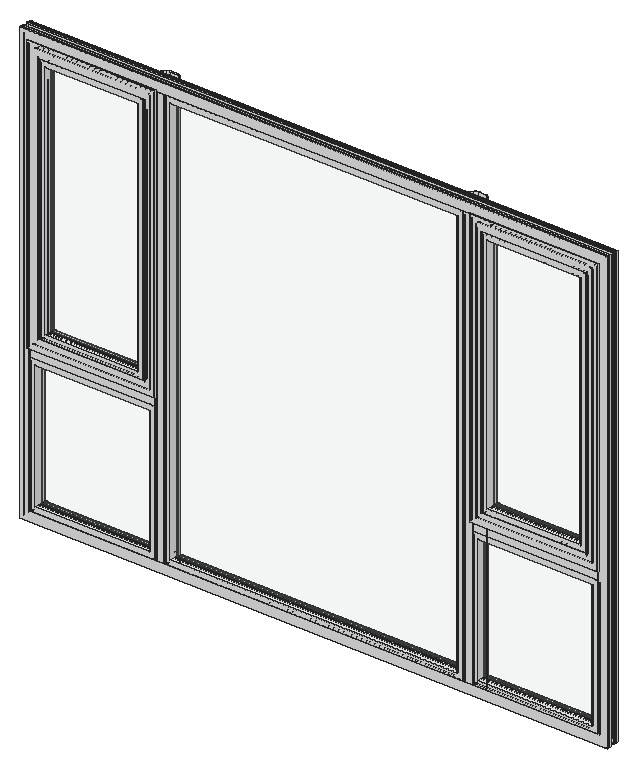
Revit family "Serene_T&T_Window_F_Standard", category Windows, host Wall, Revit 2014
Parameters (values of type "52TT-2418SS-2000Pa")
  Windload Design = if(Custom Windload < 1001 mm, 1000 mm, if(Custom Windload < 1501 mm, 1500 mm, 2000 mm))  # 2000 mm
  Width Sash [instance] = 522 mm
  Width = if(Custom Window Width > Limit Window Width Max, Limit Window Width Max, if(Custom Window Width < Limit Window Width Min, Limit Window Width Min, Custom Window Width))  # 2390 mm
  Wall Thickness [instance] = 200 mm
  URL = "http://www.crealco.co.za/crealco-products.php"
  Thermal Resistance (R) [instance] = if(IGDB or SAGDB Number = 1000015, 1.0000 (m²·K)/W / Clearvue U Value, if(IGDB or SAGDB Number = 9922, 1.0000 (m²·K)/W / Energy Advantage U Value, if(IGDB or SAGDB Number = 100100, 1.0000 (m²·K)/W / Intruderprufe U Value, if(IGDB or SAGDB Number = 103200, 1.0000 (m²·K)/W / Intruderprufe LowE U Value, if(IGDB or SAGDB Number = 105001, 1.0000 (m²·K)/W / Clearvue Insulated U Value, if(IGDB or SAGDB Number = 105002, 1.0000 (m²·K)/W / Clearvue Insulated LowE U Value, 1.0000 (m²·K)/W / 7.9)))))) * 1  # 0.126582 (m²·K)/W
  Standard Mullion = not(Heavy Duty Mullion)  # no
  Solar Heat Gain Coefficient [instance] = if(IGDB or SAGDB Number = 1000015, Clearvue SHGC Value, if(IGDB or SAGDB Number = 9922, Energy Advantage SHGC Value, if(IGDB or SAGDB Number = 100100, Intruderprufe SHGC Value, if(IGDB or SAGDB Number = 103200, Intruderprufe LowE SHGC Value, if(IGDB or SAGDB Number = 105001, Clearvue Insulated SHGC Value, if(IGDB or SAGDB Number = 105002, Clearvue Insulated LowE SHGC Value, 0))))))  # 0
  Sash Width = if(Custom Sash Width > Limit Sash Width Max, Limit Sash Width Max, if(Custom Sash Width < Limit Sash Width Min, Limit Sash Width Min, Custom Sash Width))  # 522 mm
  Sash Overlap = 28 mm  # constant formula
  Sash Height = if(Custom Sash Height > Limit Sash Height Max, Limit Sash Height Max, if(Custom Sash Height < Limit Sash Height Min, Limit Sash Height Min, Custom Sash Height))  # 1122 mm
  Sash Frame Gasket = 3.4 mm  # constant formula
  Sash Edge Gap = 34 mm  # constant formula
  Overall Width [instance] = 2390 mm
  Overall Height [instance] = 1790 mm
  Mullion Side Spacing = Sash Edge Gap + Sash Width - Sash Overlap  # 528 mm
  Max System DG Unit Thickness = 20 mm  # constant formula
  Max System DG One Piece Thickness = rounddown((Max System DG Unit Thickness - 12 mm) / 2 mm) * 1 mm  # 4 mm
  Max Pane Area = if(and(Area Glazing Sash > Area Glazing Fixed Panel Middle, Area Glazing Sash > Area Glazing Fixed Panel Bottom), Area Glazing Sash, if(and(Area Glazing Fixed Panel Middle > Area Glazing Sash, Area Glazing Fixed Panel Middle > Area Glazing Fixed Panel Bottom), Area Glazing Fixed Panel Middle, if(and(Area Glazing Fixed Panel Bottom > Area Glazing Sash, Area Glazing Fixed Panel Bottom > Area Glazing Fixed Panel Middle), Area Glazing Fixed Panel Bottom, if(Area Glazing Sash > Area Glazing Fixed Panel Middle, Area Glazing Sash, Area Glazing Fixed Panel Middle))))  # 2.04136 m²
  Limit Fixed Panel Width Max = 1800 mm  # constant formula
  Limit Fixed Panel Height Min = 200 mm  # constant formula
  Limit Fixed Panel Height Max = 1800 mm  # constant formula
  Length Transom = Sash Width - 6 mm - 6.4 mm  # 509.6 mm
  Length Decorative Mullion = Height  # 1790 mm
  Intruderprufe U Value = 5.96
  Intruderprufe SHGC Value = 0.58
  Intruderprufe LowE U Value = 4.43
  Intruderprufe LowE SHGC Value = 0.514
  IGDB or SAGDB Number [instance] = 0
  Height Sash [instance] = 1122 mm
  Height = if(Custom Window Height > Limit Window Height Max, Limit Window Height Max, if(Custom Window Height < Limit Window Height Min, Limit Window Height Min, Custom Window Height))  # 1790 mm
  Heavy Duty Mullion = if(Windload Design = 1000 mm, if(and(Width > 890 mm, Height > 1490 mm), 1 = 1, 1 = 0), if(Windload Design = 1500 mm, if(or(and(Width > 1190 mm, Height > 1190 mm), Height > 1490 mm), 1 = 1, 1 = 0), if(or(and(Width > 890 mm, Height > 1190 mm), Height > 1490 mm), 1 = 1, 1 = 0)))  # yes
  Heat Transfer Coefficient (U) [instance] = if(IGDB or SAGDB Number = 1000015, Clearvue U Value, if(IGDB or SAGDB Number = 9922, Energy Advantage U Value, if(IGDB or SAGDB Number = 100100, Intruderprufe U Value, if(IGDB or SAGDB Number = 103200, Intruderprufe LowE U Value, if(IGDB or SAGDB Number = 105001, Clearvue Insulated U Value, if(IGDB or SAGDB Number = 105002, Clearvue Insulated LowE U Value, 7.9)))))) * 1.0000 W/(m²·K)  # 7.9000 W/(m²·K)
  Glazing Material [instance] = if(IGDB or SAGDB Number = 1000015, "PFG CLEARVUE 4mm", if(IGDB or SAGDB Number = 9922, "PFG ENERGY ADVANTAGE 4mm LOW-E", if(IGDB or SAGDB Number = 100100, "PFG INTRUDERPRUFE 6.38mm", if(IGDB or SAGDB Number = 103200, "PFG INTRUDERPRUFE LOW-E 7.38mm", if(IGDB or SAGDB Number = 105001, "PFG 20mm CLEARVUE INSULATED GLASS", if(IGDB or SAGDB Number = 105002, "PFG 20mm CLEARVUE INSULATED GLASS LOW-E", "Unknown"))))))  # "Unknown"
  Glazing Code [instance] = if(IGDB or SAGDB Number = 1000015, "CF4", if(IGDB or SAGDB Number = 9922, "CF4E", if(IGDB or SAGDB Number = 100100, "LAM01", if(IGDB or SAGDB Number = 103200, "LAM01E", if(IGDB or SAGDB Number = 105001, "IGU20", if(IGDB or SAGDB Number = 105002, "IGU20E", "Unknown"))))))  # "Unknown"
  Frame Width = 62 mm  # constant formula
  Frame Thickness = 52 mm  # constant formula
  Frame Offset From Exterior [instance] = if(Centered In Wall, (Wall Thickness - Frame Thickness) / 2, Custom Window Exterior Offset)  # 74 mm
  Fixed Panel Middle Width = Width - (2 * Sash Width) - (2 * Sash Edge Gap) - (33.6 mm * 2)  # 1210.8 mm
  Fixed Panel Middle Height = Height - (2 mm * 40)  # 1710 mm
  Fixed Panel Bottom Width = Sash Width - 6 mm - 6.4 mm  # 509.6 mm
  Fixed Panel Bottom Height = Height - Sash Edge Gap - Sash Height - 40 mm - 33.6 mm  # 560.4 mm
  Energy Advantage U Value = 7.9
  Energy Advantage SHGC Value = 0
  DG Thickness Calc = if(not(Max Pane Area > 1.125 m²), 4 mm, if(not(Max Pane Area > 2.25 m²), 4 mm, if(not(Max Pane Area > 3.15 m²), 5 mm, if(not(Max Pane Area > 4.35 m²), 6 mm, if(not(Max Pane Area > 6.45 m²), 8 mm, 10 mm)))))  # 4 mm
  DG Thickness [instance] = if(IGDB or SAGDB Number = 105001, 4 mm, if(IGDB or SAGDB Number = 105002, 4 mm, if(DG Thickness Calc > Max System DG One Piece Thickness, Max System DG One Piece Thickness, DG Thickness Calc)))  # 4 mm
  DG Gasket Tickness = 12 mm  # constant formula
  Custom Window Width = 2390 mm
  Custom Window Height = 1790 mm
  Custom Window Exterior Offset = 0 mm
  Custom Windload = 2000 mm
  Custom Sash Width = 522 mm
  Single Glazing [instance] = not(Double Glazing)  # yes
  SG Thickness [instance] = if(IGDB or SAGDB Number = 1000015, 4 mm, if(IGDB or SAGDB Number = 9922, 4 mm, if(IGDB or SAGDB Number = 100100, 6 mm, if(IGDB or SAGDB Number = 103200, 7 mm, if(not(Max Pane Area > 0.75 m²), 4 mm, if(not(Max Pane Area > 1.50 m²), 4 mm, if(not(Max Pane Area > 2.10 m²), 5 mm, if(not(Max Pane Area > 2.90 m²), 6.4 mm, if(not(Max Pane Area > 4.30 m²), 8 mm, 10 mm)))))))))  # 5 mm
  Model = "Serene"  # constant formula
  Manufacturer = "Crealco"  # constant formula
  Limit Window Width Min = Limit Fixed Panel Width Min + (2 * Sash Width) + (2 * Sash Edge Gap) + (2 mm * 33.6)  # 1379.2 mm
  Limit Window Width Max = Limit Fixed Panel Width Max + (2 * Sash Width) + (2 * Sash Edge Gap) + (2 mm * 33.6)  # 2979.2 mm
  Limit Window Height Min = Sash Edge Gap + Sash Height + 33.6 mm + Limit Fixed Panel Height Min + 40 mm  # 1429.6 mm
  Limit Window Height Max = Limit Fixed Panel Height Max + (2 mm * 40)  # 1880 mm
  Limit Sash Width Min = 300 mm  # constant formula
  Limit Sash Width Max = 700 mm  # constant formula
  Limit Sash Height Min = 300 mm  # constant formula
  Limit Sash Height Max = 1500 mm  # constant formula
  Limit Fixed Panel Width Min = 200 mm  # constant formula
  Length Mullion = Height - (2 mm * 40)  # 1710 mm
  Glazing Finish [instance] = Glass
  Double Glazing [instance] = no
  Description = "Tilt and turn window, Type F"  # constant formula
  Default Sill Height = 800 mm
  Wall Closure = By host
  DG Gasket Finish = Double Glazing Gasket Material
  Custom Sash Height = 1122 mm
  Clearvue U Value = 7.9
  Clearvue SHGC Value = 0
  Clearvue Insulated U Value = 3.84
  Clearvue Insulated SHGC Value = 0.552
  Clearvue Insulated LowE U Value = 3.29
  Clearvue Insulated LowE SHGC Value = 0.503
  Centered In Wall = yes
  Area Glazing Sash = (Sash Width - (2 mm * 50.2)) * (Sash Height - (2 mm * 50.2))  # 0.430707 m²
  Area Glazing Fixed Panel Middle = (Fixed Panel Middle Width - 10 mm) * (Fixed Panel Middle Height - 10 mm)  # 2.04136 m²
  Area Glazing Fixed Panel Bottom = (Fixed Panel Bottom Width - 10 mm) * (Fixed Panel Bottom Height - 10 mm)  # 0.27498 m²
  Aluminium Finish [instance] = White Powder Coated Aluminium
  All Available Glazing Numbers [instance] = "The rows below list the available glazing materials for this window:"  # constant formula
  9922 [instance] = "CF4E"  # constant formula
  105002 [instance] = "IGU20E"  # constant formula
  105001 [instance] = "IGU20"  # constant formula
  103200 [instance] = "LAM01E"  # constant formula
  100100 [instance] = "LAM01"  # constant formula
  1000015 [instance] = "CF4"  # constant formula
Reference planes
  plane 1 "Center (Front/Back)": y = 0
  plane 2 "Center (Left/Right)": x = 0
  plane 3 "Left": x = -1195
  plane 4 "Right": x = 1195
  plane 5 "Sill": z = 800
  plane 6 "Head": z = 2590
  plane 7 "Exterior": y = 100
  plane 8 "Interior": y = -100
  plane 9: y = 0
Lines and regions (mm)
  Opening 1
    outline origin (3500, -100, 0) x (1, 0, 0) y (0, 0, 1)
      loop
        line (-2305, 800) -> (-2305, 2590) -> (-4695, 2590) -> (-4695, 800) -> (-2305, 800)
Text (mm)
  text "EXTERIOR" at (-1963.203, 1332.353, 0), in view "Ref. Level"
  text "INTERIOR" at (-1981.466, -818.386, 0), in view "Ref. Level"
  text "Exterior" at (0, 923.751, 2943.296), in view "Right"
  text "Exterior" at (0, 1040.484, 2685.409), in view "Left"
Dimensions and locks
  equal spacing: plane 3 "Left", plane 2 "Center (Left/Right)", plane 4 "Right"
  "Width": plane 3 "Left" to plane 4 "Right"
  "Height": plane 5 "Sill" to plane 6 "Head"
  "Default Sill Height": plane 5 "Sill" to level
  locked: plane 7 "Exterior" to host wall at 0
  locked: plane 8 "Interior" to host wall
  "Overall Height": plane 5 "Sill" to plane 6 "Head"
  "Overall Width": plane 3 "Left" to plane 4 "Right"
  "Frame Offset From Exterior": nested 1 to plane 7 "Exterior"
  "Wall Thickness": host wall to host wall
  "Sash Edge Gap": plane 6 "Head" to nested 3
  "Sash Frame Gasket": nested 3 to nested 1
  "Sash Edge Gap": nested 3 to plane 4 "Right"
  "Width Sash": nested 3 to nested 3
  "Height Sash": nested 3 to nested 3
  "Sash Edge Gap": plane 3 "Left" to nested 6
  "Sash Frame Gasket": nested 6 to nested 1
  "Sash Edge Gap": plane 6 "Head" to nested 6
  aligned and locked: plane 9 to host wall
  aligned and locked: nested 1 to plane 4 "Right"
  aligned and locked: nested 1 to plane 6 "Head"
  aligned and locked: nested 2 to nested 1
  aligned and locked: nested 1 to nested 4
  aligned and locked: nested 4 to nested 1
  aligned and locked: nested 4 to nested 2
  aligned and locked: nested 1 to nested 5
  aligned and locked: nested 2 to nested 5
  aligned and locked: nested 2 to nested 3
  aligned and locked: nested 1 to nested 10
  aligned and locked: nested 1 to nested 11  (x2)
  aligned and locked: nested 10 to nested 1
  aligned and locked: nested 3 to nested 10
  aligned and locked: nested 3 to nested 11
  aligned and locked: nested 14 to nested 1  (x2)
  aligned and locked: nested 1 to nested 14
  aligned and locked: nested 12 to nested 1  (x2)
  aligned and locked: nested 1 to nested 12
  aligned and locked: nested 1 to nested 16
  aligned and locked: nested 16 to nested 5
  aligned and locked: nested 1 to nested 17
  aligned and locked: nested 17 to nested 2
  aligned and locked: nested 17 to plane 6 "Head"
  aligned and locked: nested 16 to plane 6 "Head"
  aligned and locked: nested 16 to nested 6
Automatic sketch dimensions
  Opening 1 sketch curve to plane 3 "Left" = 0 mm
  Opening 1 sketch curve to plane 4 "Right" = 0 mm
  Opening 1 sketch curve to plane 5 "Sill" = 0 mm
  Opening 1 sketch curve to plane 6 "Head" = 0 mm
Nested families
  nested 1: "Serene_Frame_Rounded_Ext_52mm_F_Std" at (-1195, -26, 800), Frame Width <- "Width", Frame Height <- "Height", Profile Material <- "Aluminium Finish", type "Serene_Frame_Rounded_Ext_52mm_F_Std"
    with Profile Material White Powder Coated Aluminium, Frame Width 2390 mm, Frame Height 1790 mm
  nested 2: "Serene_Mullion_44mm_Flat_F_Std" at (672.15, -33.553, 840) x (0, 1, 0) z (0, 0, 1), Length Mullion <- "Length Mullion", Profile Material <- "Aluminium Finish", visible <- "Standard Mullion", type "Serene_Mullion_44mm_Flat_F_Std"
    with Profile Material White Powder Coated Aluminium, Length Mullion 1710 mm
  nested 3: "Serene_Sash_Open_In_72mm_F_Std" at (1161, -32.8, 1434) x (-1, 0, 0) z (0, 0, 1), Profile Material <- "Aluminium Finish", Glazing Material <- "Glazing Finish", Double Glazing Gasket Material <- "DG Gasket Finish", Width Sash <- "Sash Width", Height Sash <- "Sash Height", SG Glazing Thickness <- "SG Thickness", DG Glazing Thickness <- "DG Thickness", DG Gasket Thickness <- "DG Gasket Tickness", Double Glazing <- "Double Glazing", Single Glazing <- "Single Glazing", type "Serene_Sash_Open_In_72mm_F_Std"
    with Width Sash 522 mm, Width Bead 422 mm, Tilt yes, Single Glazing yes, SG Offset 31.75 mm, SG Glazing Thickness 5 mm, Right Hinged yes, Profile Material White Powder Coated Aluminium, Left Hinged no, Height Sash 1122 mm, Height Bead 1022 mm, Glazing Width 421.6 mm, Glazing Material Glass, Glazing Height 1021.6 mm, Double Glazing Gasket Material Double Glazing Gasket Material, Double Glazing no, DG Offset 18.75 mm, DG Glazing Thickness 4 mm, DG Gasket Thickness 12 mm
  nested 4: "Serene_Fixed_Panel_F_Std" at (-605.4, -26, 840), Profile Material <- "Aluminium Finish", Glazing Material <- "Glazing Finish", Double Glazing Gasket Material <- "DG Gasket Finish", SG Thickness <- "SG Thickness", Fixed Panel Width <- "Fixed Panel Middle Width", Fixed Panel Height <- "Fixed Panel Middle Height", DG Thickness <- "DG Thickness", Single Glazing <- "Single Glazing", Double Glazing <- "Double Glazing", type "Serene_Fixed_Panel_F_Std"
    with Single Glazing yes, SG Thickness 5 mm, SG Space Available 13 mm, SG Offset 4 mm, Profile Material White Powder Coated Aluminium, Glazing Width 1200.8 mm, Glazing Material Glass, Glazing Height 1700 mm, Fixed Panel Width 1210.8 mm, Fixed Panel Height 1710 mm, Double Glazing Gasket Material Double Glazing Gasket Material, Double Glazing no, DG Thickness 4 mm, DG Space Available 24 mm, DG Offset 2 mm, DG Gasket Thickness 12 mm
  nested 5: "Serene_Mullion_44mm_Flat_F_Std" at (-578.65, -33.553, 840) x (0, 1, 0) z (0, 0, 1), Length Mullion <- "Length Mullion", Profile Material <- "Aluminium Finish", visible <- "Standard Mullion", type "Serene_Mullion_44mm_Flat_F_Std"
    with Profile Material White Powder Coated Aluminium, Length Mullion 1710 mm
  nested 6: "Serene_Sash_Open_In_72mm_F_Std" at (-639, -32.8, 1434) x (-1, 0, 0) z (0, 0, 1), Profile Material <- "Aluminium Finish", Glazing Material <- "Glazing Finish", Double Glazing Gasket Material <- "DG Gasket Finish", Width Sash <- "Sash Width", Height Sash <- "Sash Height", SG Glazing Thickness <- "SG Thickness", DG Glazing Thickness <- "DG Thickness", DG Gasket Thickness <- "DG Gasket Tickness", Double Glazing <- "Double Glazing", Single Glazing <- "Single Glazing", type "Serene_Sash_Open_In_72mm_F_Std"
    with Width Sash 522 mm, Width Bead 422 mm, Tilt yes, Single Glazing yes, SG Offset 31.75 mm, SG Glazing Thickness 5 mm, Right Hinged no, Profile Material White Powder Coated Aluminium, Left Hinged yes, Height Sash 1122 mm, Height Bead 1022 mm, Glazing Width 421.6 mm, Glazing Material Glass, Glazing Height 1021.6 mm, Double Glazing Gasket Material Double Glazing Gasket Material, Double Glazing no, DG Offset 18.75 mm, DG Glazing Thickness 4 mm, DG Gasket Thickness 12 mm
  nested 7: "Serene_Single_Glazing_Tilt_&_Turn_F_Std" at (1110.8, 3.95, 1484.2), type "Serene_Single_Glazing_Tilt_&_Turn_F_Std"
    with Tilt yes, Right Hinged yes, Left Hinged no, Half Width 210.8 mm, Half Height 510.8 mm, Glazing Width 421.6 mm, Glazing Thickness SG 5 mm, Glazing Material Glass, Glazing Height 1021.6 mm
  nested 8: "Serene_Single_Glazing_Fixed_F_Std" at (600.4, 10.5, 845), type "Serene_Single_Glazing_Fixed_F_Std"
    with Glazing Width 1200.8 mm, Glazing Thickness SG 5 mm, Glazing Material Glass, Glazing Height 1700 mm
  nested 9: "Serene_Single_Glazing_Tilt_&_Turn_F_Std" at (-689.2, 3.95, 1484.2), type "Serene_Single_Glazing_Tilt_&_Turn_F_Std"
    with Tilt yes, Right Hinged no, Left Hinged yes, Half Width 210.8 mm, Half Height 510.8 mm, Glazing Width 421.6 mm, Glazing Thickness SG 5 mm, Glazing Material Glass, Glazing Height 1021.6 mm
  nested 10: "Serene_Transom_44mm_Flat_F_Std" at (-1155, -40.48, 1087.299), Profile Material <- "Aluminium Finish", Length Transom <- "Length Transom", type "Serene_Transom_44mm_Flat_F_Std"
    with Profile Material White Powder Coated Aluminium, Length Transom 509.6 mm
  nested 11: "Serene_Transom_44mm_Flat_F_Std" at (645.4, -40.48, 1087.299), Profile Material <- "Aluminium Finish", Length Transom <- "Length Transom", type "Serene_Transom_44mm_Flat_F_Std"
    with Profile Material White Powder Coated Aluminium, Length Transom 509.6 mm
  nested 12: "Serene_Fixed_Panel_F_Std" at (645.4, -26, 840), Profile Material <- "Aluminium Finish", Glazing Material <- "Glazing Finish", Double Glazing Gasket Material <- "DG Gasket Finish", SG Thickness <- "SG Thickness", Fixed Panel Width <- "Fixed Panel Bottom Width", Fixed Panel Height <- "Fixed Panel Bottom Height", DG Thickness <- "DG Thickness", Single Glazing <- "Single Glazing", Double Glazing <- "Double Glazing", type "Serene_Fixed_Panel_F_Std"
    with Single Glazing yes, SG Thickness 5 mm, SG Space Available 13 mm, SG Offset 4 mm, Profile Material White Powder Coated Aluminium, Glazing Width 499.6 mm, Glazing Material Glass, Glazing Height 550.4 mm, Fixed Panel Width 509.6 mm, Fixed Panel Height 560.4 mm, Double Glazing Gasket Material Double Glazing Gasket Material, Double Glazing no, DG Thickness 4 mm, DG Space Available 24 mm, DG Offset 2 mm, DG Gasket Thickness 12 mm
  nested 13: "Serene_Single_Glazing_Fixed_F_Std" at (1150, 10.5, 845), type "Serene_Single_Glazing_Fixed_F_Std"
    with Glazing Width 499.6 mm, Glazing Thickness SG 5 mm, Glazing Material Glass, Glazing Height 550.4 mm
  nested 14: "Serene_Fixed_Panel_F_Std" at (-1155, -26, 840), Profile Material <- "Aluminium Finish", Glazing Material <- "Glazing Finish", Double Glazing Gasket Material <- "DG Gasket Finish", SG Thickness <- "SG Thickness", Fixed Panel Width <- "Fixed Panel Bottom Width", Fixed Panel Height <- "Fixed Panel Bottom Height", DG Thickness <- "DG Thickness", Single Glazing <- "Single Glazing", Double Glazing <- "Double Glazing", type "Serene_Fixed_Panel_F_Std"
    with Single Glazing yes, SG Thickness 5 mm, SG Space Available 13 mm, SG Offset 4 mm, Profile Material White Powder Coated Aluminium, Glazing Width 499.6 mm, Glazing Material Glass, Glazing Height 550.4 mm, Fixed Panel Width 509.6 mm, Fixed Panel Height 560.4 mm, Double Glazing Gasket Material Double Glazing Gasket Material, Double Glazing no, DG Thickness 4 mm, DG Space Available 24 mm, DG Offset 2 mm, DG Gasket Thickness 12 mm
  nested 15: "Serene_Single_Glazing_Fixed_F_Std" at (-650.4, 10.5, 845), type "Serene_Single_Glazing_Fixed_F_Std"
    with Glazing Width 499.6 mm, Glazing Thickness SG 5 mm, Glazing Material Glass, Glazing Height 550.4 mm
  nested 16: "Serene_Mullion_73mm_Decorative_F_Std" at (-580.796, -30.05, 800) x (0, 1, 0) z (0, 0, 1), Profile Material <- "Aluminium Finish", Length Mullion <- "Length Decorative Mullion", visible <- "Heavy Duty Mullion", type "Serene_Mullion_73mm_Decorative_F_Std"
    with Profile Material White Powder Coated Aluminium, Length Mullion 1790 mm
  nested 17: "Serene_Mullion_73mm_Decorative_F_Std" at (670.004, -30.05, 800) x (0, 1, 0) z (0, 0, 1), Profile Material <- "Aluminium Finish", Length Mullion <- "Length Decorative Mullion", visible <- "Heavy Duty Mullion", type "Serene_Mullion_73mm_Decorative_F_Std"
    with Profile Material White Powder Coated Aluminium, Length Mullion 1790 mm
Definition of nested family "Serene_Frame_Rounded_Ext_52mm_F_Std"
  Parameters (values of type "Serene_Frame_Rounded_Ext_52mm")
    Profile Material [instance] = none
    Frame Width [instance] = 600 mm
    Frame Height [instance] = 900 mm
  Reference planes
    plane 1 "Center (Front/Back)": y = 0
    plane 2: z = 0
    plane 3 "Center (Left/Right)": x = 0
  Forms (mm)
    Sweep 1, solid, material <- "Profile Material"
      path origin (0, 0, 0) x (1, 0, 0) y (0, 0, 1)
        loop
          line (0, 0) -> (600, 0) -> (600, 900) -> (0, 900) -> (0, 0)
      profile origin (300, 0, 0) x (0, 0, 1) y (0, -1, 0)
        loop
          line (32.05, -9) -> (32.05, -8) -> (33.7, -8) -> (33.7, -1.3) -> (15.1, -1.3) -> (15.1, -8) -> (16.75, -8) -> (16.75, -9) -> (15.1, -9) -> (15.1, -42.5) -> (16.75, -42.5) -> (16.75, -43.5) -> (15.1, -43.5) -> (15.1, -50.7) -> (33.7, -50.7) -> (33.7, -43.5) -> (32.05, -43.5) -> (32.05, -42.5) -> (33.7, -42.5) -> (33.7, -9) -> (32.05, -9)
        loop
          arc (52.4, -49.7) -> (52.107, -48.993) -> (51.4, -48.7) r 1
          line (51.4, -48.7) -> (50.4, -48.7)
          arc (50.4, -48.7) -> (49.9, -49.2) -> (50.4, -49.7) r 0.5
          line (50.4, -49.7) -> (51.2, -49.7) -> (51.2, -50.7) -> (35, -50.7) -> (35, -49.7) -> (36, -49.7)
          arc (36, -49.7) -> (36.5, -49.2) -> (36, -48.7) r 0.5
          line (36, -48.7) -> (35, -48.7) -> (35, -35.9) -> (40, -35.9) -> (40, -32.956) -> (38.5, -31.79) -> (38.5, -34.6) -> (35, -34.6) -> (35, -21.1) -> (38.5, -21.1) -> (38.5, -26.41) -> (40, -25.244) -> (40, -18.807) -> (38, -17.818) -> (38, -19.5) -> (35, -19.5) -> (35, -1.5) -> (38, -1.5) -> (38, -4.182) -> (40, -3.193) -> (40, 0) -> (0, 0) -> (0, -2.7) -> (1.3, -2.7) -> (1.3, -1.5) -> (13.8, -1.5) -> (13.8, -13.05) -> (0, -13.05) -> (0, -16.05) -> (1.3, -16.05) -> (1.3, -14.35) -> (13.8, -14.35) -> (13.8, -37.65) -> (1.3, -37.65) -> (1.3, -35.95) -> (0, -35.95) -> (0, -38.95) -> (13.8, -38.95) -> (13.8, -50.5) -> (1.3, -50.5) -> (1.3, -49.3) -> (0, -49.3) -> (0, -52) -> (58, -52)
          arc (58, -52) -> (60.828, -50.828) -> (62, -48) r 4
          line (62, -48) -> (62, -40.5) -> (59.5, -40.5) -> (59.5, -41.7) -> (60.7, -41.7) -> (60.7, -43.7) -> (55.5, -43.7) -> (55.5, -41.7) -> (56.7, -41.7) -> (56.7, -40.5) -> (54.2, -40.5) -> (54.2, -44)
          arc (54.2, -44) -> (54.493, -44.707) -> (55.2, -45) r 1
          line (55.2, -45) -> (60.7, -45) -> (60.7, -48)
          arc (60.7, -48) -> (59.909, -49.909) -> (58, -50.7) r 2.7
          line (58, -50.7) -> (52.4, -50.7) -> (52.4, -49.7)
  Lines and regions (mm)
    model lines, style "GenericModel"
      curve 1: line (600, 52, 900) -> (541.992, 52, 841.992)
      curve 2: line (0, 52, 900) -> (58.006, 52, 841.994)
      curve 3: line (0, 52, 0) -> (58.008, 52, 58.008)
      curve 4: line (600, 52, 0) -> (541.992, 52, 58.008)
      curve 5: line (0, 0, 900) -> (40, 0, 860)
      curve 6: line (600, 0, 900) -> (560, 0, 860)
      curve 7: line (600, 0, 0) -> (560, 0, 40)
      curve 8: line (0, 0, 0) -> (40, 0, 40)
  Dimensions and locks
    "Frame Width": Sweep 1 sketch curve to Sweep 1 sketch curve
    "Frame Height": Sweep 1 sketch curve to Sweep 1 sketch curve
    aligned and locked: level to plane 2
  Automatic sketch dimensions
    Sweep 1 sketch curve to Sweep 1 sketch curve = 0 mm  (x9)
    Sweep 1 sketch curve to profile plane = 0 mm  (x4)
    Sweep 1 sketch curve to Sweep 1 sketch curve = 1.3 mm  (x13)
    Sweep 1 sketch curve to Sweep 1 sketch curve = 12.5 mm  (x2)
    Sweep 1 sketch curve to Sweep 1 sketch curve = 1.65 mm  (x4)
    Sweep 1 sketch curve to Sweep 1 sketch curve = 15.3 mm  (x2)
    Sweep 1 sketch curve to Sweep 1 sketch curve = 1 mm  (x10)
    Sweep 1 sketch curve to Sweep 1 sketch curve = 3 mm  (x3)
    Sweep 1 sketch curve to Sweep 1 sketch curve = 0.5 mm  (x2)
    Sweep 1 sketch curve to Sweep 1 sketch curve = 3.5 mm
    Sweep 1 sketch curve to Sweep 1 sketch curve = 2 mm  (x3)
    Sweep 1 sketch curve to Sweep 1 sketch curve = 1.5 mm  (x3)
    Sweep 1 sketch curve to Sweep 1 sketch curve = 14.4 mm
    Sweep 1 sketch curve to Sweep 1 sketch curve = 0.8 mm
    Sweep 1 sketch curve to Sweep 1 sketch curve = 0.2 mm  (x3)
    Sweep 1 sketch curve to Sweep 1 sketch curve = 2.8 mm  (x3)
    Sweep 1 sketch curve to Sweep 1 sketch curve = 0.3 mm
    Sweep 1 sketch curve to Sweep 1 sketch curve = 1.2 mm  (x6)
    Sweep 1 sketch curve to plane 1 "Center (Front/Back)" = 52 mm
    Sweep 1 sketch curve to Sweep 1 sketch curve = 5.2 mm
    Sweep 1 sketch curve to Sweep 1 sketch curve = 7 mm
    Sweep 1 sketch curve to Sweep 1 sketch curve = 10.35 mm  (x2)
    Sweep 1 sketch curve to Sweep 1 sketch curve = 1.7 mm  (x2)
    Sweep 1 sketch curve to Sweep 1 sketch curve = 6.6 mm
    Sweep 1 sketch curve to Sweep 1 sketch curve = 1.644 mm
    Sweep 1 sketch curve to Sweep 1 sketch curve = 1.167 mm  (x2)
    Sweep 1 sketch curve to Sweep 1 sketch curve = 5.379 mm
    Sweep 1 sketch curve to Sweep 1 sketch curve = 4.144 mm
    Sweep 1 sketch curve to Sweep 1 sketch curve = 1.6 mm
    Sweep 1 sketch curve to Sweep 1 sketch curve = 0.693 mm
    Sweep 1 sketch curve to Sweep 1 sketch curve = 1.682 mm
    Sweep 1 sketch curve to Sweep 1 sketch curve = 19.9 mm
    Sweep 1 sketch curve to Sweep 1 sketch curve = 8.818 mm
    Sweep 1 sketch curve to Sweep 1 sketch curve = 4.05 mm
    Sweep 1 sketch curve to Sweep 1 sketch curve = 3.818 mm
    Sweep 1 sketch curve to Sweep 1 sketch curve = 0.99 mm
    Sweep 1 sketch curve to Sweep 1 sketch curve = 6.5 mm
    Sweep 1 sketch curve to Sweep 1 sketch curve = 1.693 mm
    curve 1 to Sweep 1 = 0 mm
    Sweep 1 to curve 1 = 0 mm
    curve 2 to Sweep 1 = 0 mm  (x2)
    curve 3 to Sweep 1 = 0 mm  (x2)
    curve 4 to Sweep 1 = 0 mm  (x2)
    curve 2 to Sweep 1 = 0.006 mm  (x2)
    curve 3 to Sweep 1 = 0.008 mm  (x2)
    curve 1 to Sweep 1 = 0.008 mm  (x2)
    curve 4 to Sweep 1 = 0.008 mm  (x2)
    curve 5 to Sweep 1 = 0 mm  (x4)
    curve 6 to Sweep 1 = 0 mm  (x4)
    curve 7 to Sweep 1 = 0 mm  (x3)
    Sweep 1 to curve 7 = 0 mm
    curve 8 to Sweep 1 = 0 mm  (x3)
    Sweep 1 to curve 8 = 0 mm
    Sweep 1 sketch curve to plane 3 "Center (Left/Right)" = 0 mm
    Sweep 1 sketch curve to level = 0 mm
Definition of nested family "Serene_Mullion_44mm_Flat_F_Std"
  Parameters (values of type "Serene_Mullion_44mm_Flat")
    Profile Material [instance] = none
    Length Mullion [instance] = 250 mm
    Length Cut = 22 mm
  Reference planes
    plane 1 "Center (Front/Back)": y = 0
    plane 2: z = 0
    plane 3 "Center (Left/Right)": x = 0
  Forms (mm)
    Extrusion 1, solid, material <- "Profile Material"
      sketch origin (0, 0, 0) x (1, 0, 0) y (0, 1, 0)
        loop
          line (9.056, 33.15) -> (50.755, 33.15) -> (50.755, 60.35) -> (9.056, 60.35) -> (9.056, 33.15)
        loop
          line (52.256, 88.75) -> (48.053, 88.75) -> (48.053, 86.25) -> (49.253, 86.25) -> (49.253, 87.45) -> (50.757, 87.45) -> (50.757, 82.25) -> (49.253, 82.25) -> (49.253, 83.45) -> (48.053, 83.45) -> (48.053, 80.95) -> (50.755, 80.95) -> (50.755, 61.75) -> (43.453, 61.75) -> (43.453, 66.75) -> (40.51, 66.75) -> (39.343, 65.25) -> (42.153, 65.25) -> (42.153, 61.75) -> (28.653, 61.75) -> (28.653, 65.25) -> (33.964, 65.25) -> (32.797, 66.75) -> (26.361, 66.75) -> (25.371, 64.75) -> (27.053, 64.75) -> (27.053, 61.75) -> (9.053, 61.75) -> (9.053, 64.75) -> (11.736, 64.75) -> (10.746, 66.75) -> (7.553, 66.75) -> (7.553, 26.749) -> (10.746, 26.749) -> (11.736, 28.749) -> (9.053, 28.749) -> (9.053, 31.749) -> (27.053, 31.749) -> (27.053, 28.749) -> (25.371, 28.749) -> (26.361, 26.749) -> (32.797, 26.749) -> (33.964, 28.249) -> (28.653, 28.249) -> (28.653, 31.749) -> (42.153, 31.749) -> (42.153, 28.249) -> (39.343, 28.249) -> (40.51, 26.749) -> (43.453, 26.749) -> (43.453, 31.749) -> (50.755, 31.749) -> (50.755, 12.55) -> (48.053, 12.55) -> (48.053, 10.05) -> (49.253, 10.05) -> (49.253, 11.25) -> (50.757, 11.25) -> (50.757, 6.05) -> (49.253, 6.05) -> (49.253, 7.25) -> (48.053, 7.25) -> (48.053, 4.75) -> (52.256, 4.75) -> (52.256, 88.75)
      from 0 to 250 <- "Length Mullion"
    Extrusion 2, void
      sketch origin (0, 0, 250) x (0, 1, 0) y (1, 0, 0)
        loop
          line (88.75, 48.053) -> (88.75, 52.256) -> (4.75, 52.256) -> (4.75, 48.053) -> (88.75, 48.053)
      from 0 to 22 <- "Length Cut"
    Extrusion 3, void
      sketch origin (0, 0, 0) x (1, 0, 0) y (0, 1, 0)
        loop
          line (48.053, 4.75) -> (52.256, 4.75) -> (52.256, 88.75) -> (48.053, 88.75) -> (48.053, 4.75)
      from 0 to 22 <- "Length Cut"
  Cuts and joins
    Extrusion 2, Extrusion 3 cuts Extrusion 1
  Dimensions and locks
    aligned and locked: level to plane 2
Definition of nested family "Serene_Sash_Open_In_72mm_F_Std"
  Parameters (values of type "Serene_Sash_Open_In_72mm")
    Width Sash [instance] = 600 mm
    Width Bead [instance] = Width Sash - (Bead Edge Offset * 2)  # 500 mm
    Tilt [instance] = yes
    Single Glazing [instance] = yes
    SG Offset [instance] = Rear Glazing Channel Offset - SG Available Space + ((SG Available Space - SG Glazing Thickness) / 2)  # 32.25 mm
    SG Glazing Thickness [instance] = 4 mm
    SG Available Space = 13.5 mm  # constant formula
    Right Hinged [instance] = yes
    Rear Glazing Channel Offset = 41 mm  # constant formula
    Profile Material [instance] = none
    Left Hinged [instance] = yes
    Height Sash [instance] = 900 mm
    Height Bead [instance] = Height Sash - (Bead Edge Offset * 2)  # 800 mm
    Glazing Width [instance] = Width Sash - (Glazing Edge Offset * 2)  # 499.6 mm
    Glazing Material [instance] = Glass
    Glazing Height [instance] = Height Sash - (Glazing Edge Offset * 2)  # 799.6 mm
    Glazing Edge Offset = 50.2 mm  # constant formula
    Double Glazing Gasket Material [instance] = none
    Double Glazing [instance] = yes
    DG Offset [instance] = Rear Glazing Channel Offset - DG Available Space + ((DG Available Space - DG Gasket Thickness - (2 * DG Glazing Thickness)) / 2)  # 18.75 mm
    DG Glazing Thickness [instance] = 4 mm
    DG Gasket Thickness [instance] = 12 mm
    DG Available Space = 24.5 mm  # constant formula
    Bead Edge Offset = 50 mm  # constant formula
  Reference planes
    plane 1 "Center (Front/Back)": y = 0
    plane 2: z = 0
    plane 3 "Center (Left/Right)": x = 0
  Forms (mm)
    Sweep 1, solid, material <- "Profile Material"
      path origin (0, 0, 0) x (1, 0, 0) y (0, 0, 1)
        loop
          line (0, 0) -> (600, 0) -> (600, 900) -> (0, 900) -> (0, 0)
      profile origin (300, 0, 0) x (0, 0, 1) y (0, -1, 0)
        loop
          line (21.76, 25.1) -> (23.96, 25.1) -> (23.96, 10.1) -> (21.76, 10.1) -> (21.76, 7.4) -> (18.76, 7.4) -> (18.76, 10.524) -> (17.46, 9.224) -> (17.46, 7.1)
          arc (17.46, 7.1) -> (17.753, 6.393) -> (18.46, 6.1) r 1
          line (18.46, 6.1) -> (23.96, 6.1) -> (23.96, 3.4) -> (22.8, 3.4)
          arc (22.8, 3.4) -> (22.3, 2.9) -> (22.8, 2.4) r 0.5
          line (22.8, 2.4) -> (23.96, 2.4) -> (23.96, 1.3) -> (7.7, 1.3) -> (7.7, 2.4) -> (8.5, 2.4) -> (8.5, 3.4) -> (5.3, 3.4) -> (5.3, 2.4) -> (6.6, 2.4) -> (6.6, 1.1) -> (1.2, 1.1) -> (1.2, 2.4) -> (2.5, 2.4) -> (2.5, 3.4) -> (0, 3.4) -> (0, 0) -> (49.96, 0) -> (49.96, 3.18) -> (48.16, 4.22) -> (48.16, 1.5) -> (45.16, 1.5) -> (45.16, 20.1) -> (48.16, 20.1) -> (48.16, 17.88) -> (49.96, 18.92) -> (49.96, 21.6) -> (45.16, 21.6) -> (45.16, 40) -> (37.96, 47) -> (37.96, 50.7) -> (43.96, 50.7) -> (43.96, 49.3)
          arc (43.96, 49.3) -> (44.253, 48.593) -> (44.96, 48.3) r 1
          line (44.96, 48.3) -> (46.21, 48.3)
          arc (46.21, 48.3) -> (46.71, 48.8) -> (46.21, 49.3) r 0.5
          line (46.21, 49.3) -> (44.96, 49.3) -> (44.96, 50.7) -> (61.46, 50.7) -> (61.46, 49.3) -> (60.21, 49.3)
          arc (60.21, 49.3) -> (59.71, 48.8) -> (60.21, 48.3) r 0.5
          line (60.21, 48.3) -> (61.46, 48.3)
          arc (61.46, 48.3) -> (62.167, 48.593) -> (62.46, 49.3) r 1
          line (62.46, 49.3) -> (62.46, 50.7) -> (66.96, 50.7)
          arc (66.96, 50.7) -> (69.576, 49.616) -> (70.66, 47) r 3.7
          line (70.66, 47) -> (70.66, 45.5) -> (64.16, 45.5) -> (64.16, 41) -> (66.66, 41) -> (66.66, 42.2) -> (65.46, 42.2) -> (65.46, 44.2) -> (70.66, 44.2) -> (70.66, 42.2) -> (69.46, 42.2) -> (69.46, 41) -> (71.96, 41) -> (71.96, 47)
          arc (71.96, 47) -> (70.496, 50.536) -> (66.96, 52) r 5
          line (66.96, 52) -> (33.006, 52) -> (33.006, 50.7) -> (34.46, 50.7) -> (36.66, 50.7) -> (36.66, 47.3) -> (26.46, 47.3) -> (23.536, 47.3) -> (24.836, 46) -> (26.96, 46) -> (26.96, 35.2) -> (23.935, 35.2) -> (18.293, 34.246)
          arc (18.293, 34.246) -> (17.696, 33.906) -> (17.46, 33.26) r 1
          line (17.46, 33.26) -> (17.46, 25.976) -> (18.76, 24.676) -> (18.76, 27.3) -> (21.76, 27.3) -> (21.76, 25.1)
        loop
          line (43.86, 33.9) -> (42.16, 33.9) -> (42.16, 35.2) -> (43.86, 35.2) -> (43.86, 39.451) -> (37.124, 46) -> (28.26, 46) -> (28.26, 34.9)
          arc (28.26, 34.9) -> (27.967, 34.193) -> (27.26, 33.9) r 1
          line (27.26, 33.9) -> (24.094, 33.9) -> (18.76, 33.007) -> (18.76, 28.6) -> (22.06, 28.6)
          arc (22.06, 28.6) -> (22.767, 28.307) -> (23.06, 27.6) r 1
          line (23.06, 27.6) -> (23.06, 26.4) -> (24.26, 26.4)
          arc (24.26, 26.4) -> (24.967, 26.107) -> (25.26, 25.4) r 1
          line (25.26, 25.4) -> (25.26, 24.337) -> (25.26, 9.8)
          arc (25.26, 9.8) -> (24.967, 9.093) -> (24.26, 8.8) r 1
          line (24.26, 8.8) -> (23.06, 8.8) -> (23.06, 7.4) -> (24.26, 7.4)
          arc (24.26, 7.4) -> (24.967, 7.107) -> (25.26, 6.4) r 1
          line (25.26, 6.4) -> (25.26, 1.3) -> (43.86, 1.3) -> (43.86, 33.9)
  Lines and regions (mm)
    model lines, style "GenericModel"
      curve 1: line (600, 0, 900) -> (550.04, 0, 850.04)
      curve 2: line (0, 0, 900) -> (49.96, 0, 850.04)
      curve 3: line (0, 0, 0) -> (49.96, 0, 49.96)
      curve 4: line (600, 0, 0) -> (550.04, 0, 49.96)
      curve 5: line (33.953, -50.7, 866.047) -> (66.968, -50.7, 833.032)
      curve 6: line (566.047, -50.7, 866.047) -> (533, -50.7, 833)
      curve 7: line (566.047, -50.7, 33.953) -> (533.032, -50.7, 66.968)
      curve 8: line (33.953, -50.7, 33.953) -> (66.968, -50.7, 66.968)
      curve 9: line (33.006, -52, 866.994) -> (66.968, -52, 833.032)
      curve 10: line (566.994, -52, 866.994) -> (533, -52, 833)
      curve 11: line (33.006, -52, 33.006) -> (66.968, -52, 66.968)
      curve 12: line (566.994, -52, 33.006) -> (533.032, -52, 66.968)
      curve 13: line (23.536, -47.3, 876.464) -> (33.006, -47.3, 866.994)
      curve 14: line (576.464, -47.3, 876.464) -> (566.994, -47.3, 866.994)
      curve 15: line (576.464, -47.3, 23.536) -> (566.994, -47.3, 33.006)
      curve 16: line (23.536, -47.3, 23.536) -> (33.006, -47.3, 33.006)
  Dimensions and locks
    "Width Sash": Sweep 1 sketch curve to Sweep 1 sketch curve
    "Height Sash": Sweep 1 sketch curve to Sweep 1 sketch curve
    "Bead Edge Offset": nested 1 to plane 2
    "Bead Edge Offset": nested 2 to plane 2
    "Bead Edge Offset": plane 3 "Center (Left/Right)" to nested 1
    "Bead Edge Offset": plane 3 "Center (Left/Right)" to nested 2
    "Glazing Edge Offset": plane 3 "Center (Left/Right)" to nested 3
    "Glazing Edge Offset": nested 3 to plane 2
    "SG Offset": nested 3 to plane 1 "Center (Front/Back)"
    "DG Offset": nested 4 to plane 1 "Center (Front/Back)"
    "Glazing Edge Offset": plane 3 "Center (Left/Right)" to nested 4
    "Glazing Edge Offset": nested 4 to level
    aligned and locked: level to plane 2
    aligned and locked: nested 1 to plane 1 "Center (Front/Back)"
    aligned and locked: nested 2 to plane 1 "Center (Front/Back)"
  Automatic sketch dimensions
    curve 1 to Sweep 1 = 0 mm  (x3)
    Sweep 1 to curve 1 = 0 mm
    curve 2 to Sweep 1 = 0 mm  (x3)
    Sweep 1 to curve 2 = 0 mm
    curve 3 to Sweep 1 = 0 mm  (x4)
    curve 4 to Sweep 1 = 0 mm  (x4)
    curve 8 to Sweep 1 = 30.308 mm  (x2)
    curve 5 to Sweep 1 = 30.308 mm  (x2)
    curve 6 to Sweep 1 = 30.34 mm  (x2)
    curve 7 to Sweep 1 = 30.308 mm  (x2)
    Sweep 1 sketch curve to Sweep 1 sketch curve = 0 mm  (x12)
    Sweep 1 sketch curve to plane 1 "Center (Front/Back)" = 0 mm
    profile plane to Sweep 1 sketch curve = 0 mm
    Sweep 1 sketch curve to profile plane = 1.2 mm
    Sweep 1 sketch curve to Sweep 1 sketch curve = 1.3 mm  (x21)
    Sweep 1 sketch curve to Sweep 1 sketch curve = 2.8 mm  (x2)
    Sweep 1 sketch curve to Sweep 1 sketch curve = 1.1 mm  (x2)
    Sweep 1 sketch curve to Sweep 1 sketch curve = 0.8 mm
    Sweep 1 sketch curve to profile plane = 17.46 mm
    Sweep 1 sketch curve to Sweep 1 sketch curve = 8.96 mm
    Sweep 1 sketch curve to Sweep 1 sketch curve = 0.833 mm
    Sweep 1 sketch curve to Sweep 1 sketch curve = 0.167 mm
    Sweep 1 sketch curve to Sweep 1 sketch curve = 1 mm  (x10)
    Sweep 1 sketch curve to Sweep 1 sketch curve = 3 mm  (x4)
    Sweep 1 sketch curve to Sweep 1 sketch curve = 0.3 mm  (x6)
    plane 1 "Center (Front/Back)" to Sweep 1 sketch curve = 3.4 mm
    Sweep 1 sketch curve to Sweep 1 sketch curve = 1.04 mm
    Sweep 1 sketch curve to Sweep 1 sketch curve = 5.242 mm
    Sweep 1 sketch curve to Sweep 1 sketch curve = 5.175 mm
    Sweep 1 sketch curve to Sweep 1 sketch curve = 0.9 mm
    Sweep 1 sketch curve to Sweep 1 sketch curve = 1.16 mm
    Sweep 1 sketch curve to Sweep 1 sketch curve = 0.158 mm
    Sweep 1 sketch curve to Sweep 1 sketch curve = 1.2 mm  (x6)
    Sweep 1 sketch curve to Sweep 1 sketch curve = 1.624 mm
    Sweep 1 sketch curve to Sweep 1 sketch curve = 0.5 mm  (x3)
    Sweep 1 sketch curve to Sweep 1 sketch curve = 4.746 mm
    Sweep 1 sketch curve to Sweep 1 sketch curve = 1.454 mm
    Sweep 1 sketch curve to Sweep 1 sketch curve = 2.2 mm
    Sweep 1 sketch curve to Sweep 1 sketch curve = 0.464 mm
    Sweep 1 sketch curve to Sweep 1 sketch curve = 0.836 mm
    Sweep 1 sketch curve to Sweep 1 sketch curve = 5.036 mm
    plane 1 "Center (Front/Back)" to Sweep 1 sketch curve = 1.3 mm
    Sweep 1 sketch curve to Sweep 1 sketch curve = 18.6 mm
    Sweep 1 sketch curve to Sweep 1 sketch curve = 1.7 mm
    Sweep 1 sketch curve to Sweep 1 sketch curve = 6 mm
    Sweep 1 sketch curve to Sweep 1 sketch curve = 1.25 mm  (x2)
    plane 1 "Center (Front/Back)" to Sweep 1 sketch curve = 17.88 mm
    plane 1 "Center (Front/Back)" to Sweep 1 sketch curve = 18.92 mm
    Sweep 1 sketch curve to Sweep 1 sketch curve = 1.8 mm  (x2)
    Sweep 1 sketch curve to Sweep 1 sketch curve = 14 mm
    Sweep 1 sketch curve to Sweep 1 sketch curve = 2.7 mm  (x2)
    Sweep 1 sketch curve to Sweep 1 sketch curve = 1.5 mm  (x3)
    plane 1 "Center (Front/Back)" to Sweep 1 sketch curve = 1.1 mm
    plane 1 "Center (Front/Back)" to Sweep 1 sketch curve = 1.5 mm
    Sweep 1 sketch curve to Sweep 1 sketch curve = 1.68 mm
    Sweep 1 sketch curve to Sweep 1 sketch curve = 1.039 mm
    Sweep 1 sketch curve to Sweep 1 sketch curve = 1.4 mm  (x2)
    Sweep 1 sketch curve to Sweep 1 sketch curve = 2.124 mm
    Sweep 1 sketch curve to Sweep 1 sketch curve = 2.22 mm
    Sweep 1 sketch curve to Sweep 1 sketch curve = 14.237 mm
    Sweep 1 sketch curve to Sweep 1 sketch curve = 0.339 mm
    Sweep 1 sketch curve to Sweep 1 sketch curve = 0.763 mm
    Sweep 1 sketch curve to Sweep 1 sketch curve = 1.063 mm
    Sweep 1 sketch curve to Sweep 1 sketch curve = 1.324 mm
    Sweep 1 sketch curve to Sweep 1 sketch curve = 4.407 mm
    Sweep 1 sketch curve to Sweep 1 sketch curve = 0.254 mm
    Sweep 1 sketch curve to Sweep 1 sketch curve = 5.3 mm
    Sweep 1 sketch curve to Sweep 1 sketch curve = 12.3 mm
    Sweep 1 sketch curve to Sweep 1 sketch curve = 4.251 mm
    Sweep 1 sketch curve to Sweep 1 sketch curve = 0.549 mm
    Sweep 1 sketch curve to Sweep 1 sketch curve = 2 mm
    Sweep 1 sketch curve to Sweep 1 sketch curve = 10.8 mm
    Sweep 1 sketch curve to Sweep 1 sketch curve = 2.4 mm
    Sweep 1 sketch curve to Sweep 1 sketch curve = 3.4 mm
    curve 5 to Sweep 1 = 0.947 mm  (x2)
    curve 8 to Sweep 1 = 0.947 mm  (x2)
    curve 7 to Sweep 1 = 0.947 mm  (x2)
    curve 6 to Sweep 1 = 0.947 mm  (x2)
    curve 9 to Sweep 1 = 0 mm  (x2)
    curve 10 to Sweep 1 = 0 mm  (x2)
    Sweep 1 to curve 11 = 0 mm
    curve 11 to Sweep 1 = 0 mm
    curve 12 to Sweep 1 = 0 mm  (x2)
    curve 11 to Sweep 1 = 0.008 mm
    curve 9 to Sweep 1 = 0.008 mm  (x2)
    curve 10 to Sweep 1 = 0.04 mm  (x2)
    curve 12 to Sweep 1 = 0.008 mm
    Sweep 1 to curve 12 = 0.008 mm
    Sweep 1 to curve 11 = 0.008 mm
    curve 13 to Sweep 1 = 0 mm  (x2)
    curve 14 to Sweep 1 = 0 mm  (x2)
    curve 15 to Sweep 1 = 0 mm
    Sweep 1 to curve 15 = 0 mm
    curve 16 to Sweep 1 = 0 mm  (x2)
    Sweep 1 to curve 16 = 3.654 mm
    Sweep 1 to curve 13 = 3.654 mm  (x2)
    Sweep 1 to curve 15 = 3.654 mm
    Sweep 1 to curve 14 = 3.654 mm  (x2)
    curve 15 to Sweep 1 = 3.654 mm
    curve 16 to Sweep 1 = 3.654 mm
    Sweep 1 sketch curve to plane 3 "Center (Left/Right)" = 0 mm
    Sweep 1 sketch curve to level = 0 mm
  Nested families
    nested 1: "Serene_Bead_Square_12mm" at (550, 0, 50) x (-1, 0, 0) z (0, 0, 1), visible <- "Single Glazing", Profile Material <- "Profile Material", Width Bead <- "Width Bead", Height Bead <- "Height Bead", type "Serene_Bead_Square_12mm"
      with Width Bead 500 mm, Profile Material none, Height Bead 800 mm
    nested 2: "Serene_Bead_D_Glazing_Square" at (550, 0, 50) x (-1, 0, 0) z (0, 0, 1), Profile Material <- "Profile Material", visible <- "Double Glazing", Width Bead <- "Width Bead", Height Bead <- "Height Bead", type "Serene_Bead_D_Glazing_Square"
      with Width Bead 500 mm, Profile Material none, Height Bead 800 mm
    nested 3: "Serene_Single_Glazing_Tilt_&_Turn_F_Std" at (50.2, -36.25, 50.2) x (-1, 0, 0) z (0, 0, 1), Glazing Width <- "Glazing Width", Glazing Height <- "Glazing Height", visible <- "Single Glazing", Glazing Material <- "Glazing Material", Glazing Thickness SG <- "SG Glazing Thickness", Tilt <- "Tilt", Right Hinged <- "Right Hinged", Left Hinged <- "Left Hinged", type "Serene_Single_Glazing_Tilt_&_Turn_F_Std"
      with Tilt yes, Right Hinged yes, Left Hinged yes, Half Width 249.8 mm, Half Height 399.8 mm, Glazing Width 499.6 mm, Glazing Thickness SG 4 mm, Glazing Material Glass, Glazing Height 799.6 mm
    nested 4: "Serene_Double_Glazing_Tilt_&_Turn_F_Std" at (50.2, -38.75, 50.2) x (-1, 0, 0) z (0, 0, 1), Glazing Width <- "Glazing Width", Glazing Height <- "Glazing Height", Glazing Thickness DG <- "DG Glazing Thickness", Double Glazing Gasket Thickness <- "DG Gasket Thickness", Double Glazing Gasket Material <- "Double Glazing Gasket Material", Glazing Material <- "Glazing Material", visible <- "Double Glazing", Tilt <- "Tilt", Left Hinged <- "Left Hinged", Right Hinged <- "Right Hinged", type "Serene_Double_Glazing_Tilt_&_Turn_F_Std"
      with Tilt yes, Right Hinged yes, Left Hinged yes, Half Width 249.8 mm, Half Height 399.8 mm, Glazing Width 499.6 mm, Glazing Thickness DG 4 mm, Glazing Material Glass, Glazing Height 799.6 mm, Double Glazing Gasket Thickness 12 mm, Double Glazing Gasket Material none
  Definition of nested family "Serene_Bead_Square_12mm"
    Parameters (values of type "Serene_Bead_Square_12mm")
      Profile Material [instance] = none
      Width Bead [instance] = 600 mm
      Height Bead [instance] = 900 mm
    Reference planes
      plane 1 "Center (Front/Back)": y = 0
      plane 2: z = 0
      plane 3 "Center (Left/Right)": x = 0
    Forms (mm)
      Sweep 1, solid, material <- "Profile Material"
        path origin (0, 0, 0) x (1, 0, 0) y (0, 0, 1)
          loop
            line (0, 0) -> (600, 0) -> (600, 900) -> (0, 900) -> (0, 0)
        profile origin (300, 0, 0) x (0, 0, 1) y (0, -1, 0)
          loop
            line (20.8, -26.3) -> (19.6, -26.3) -> (19.6, -27.5) -> (22, -27.5) -> (22, 0) -> (0, 0) -> (0, -1.2) -> (1.2, -1.2) -> (1.2, -4.2) -> (-1.876, -4.2) -> (-1.876, -3.293) -> (-3.909, -4.467)
            arc (-3.909, -4.467) -> (-4.142, -5.029) -> (-3.659, -5.4) r 0.5
            line (-3.659, -5.4) -> (1.4, -5.4)
            arc (1.4, -5.4) -> (2.107, -5.107) -> (2.4, -4.4) r 1
            line (2.4, -4.4) -> (2.4, -1.2) -> (20.8, -1.2) -> (20.8, -16.2) -> (-3.659, -16.2)
            arc (-3.659, -16.2) -> (-4.142, -16.571) -> (-3.909, -17.133) r 0.5
            line (-3.909, -17.133) -> (-1.876, -18.307) -> (-1.876, -17.4) -> (20.8, -17.4) -> (20.8, -23.4) -> (14.6, -23.4) -> (14.6, -27.5) -> (17, -27.5) -> (17, -26.3) -> (15.8, -26.3) -> (15.8, -24.6) -> (20.8, -24.6) -> (20.8, -26.3)
    Lines and regions (mm)
      model lines, style "GenericModel"
        curve 1: line (22, 0, 878) -> (0, 0, 900)
        curve 2: line (578, 0, 878) -> (600, 0, 900)
        curve 3: line (578, 0, 22) -> (600, 0, 0)
        curve 4: line (22, 0, 22) -> (0, 0, 0)
    Dimensions and locks
      "Width Bead": Sweep 1 sketch curve to Sweep 1 sketch curve
      "Height Bead": Sweep 1 sketch curve to Sweep 1 sketch curve
      aligned and locked: level to plane 2
    Automatic sketch dimensions
      profile plane to Sweep 1 sketch curve = 3.909 mm
      Sweep 1 sketch curve to Sweep 1 sketch curve = 0 mm  (x4)
      Sweep 1 sketch curve to Sweep 1 sketch curve = 0.25 mm  (x2)
      Sweep 1 sketch curve to Sweep 1 sketch curve = 1.783 mm  (x2)
      Sweep 1 sketch curve to Sweep 1 sketch curve = 1.876 mm
      Sweep 1 sketch curve to Sweep 1 sketch curve = 3.076 mm
      Sweep 1 sketch curve to Sweep 1 sketch curve = 0.2 mm  (x2)
      Sweep 1 sketch curve to Sweep 1 sketch curve = 1.2 mm  (x9)
      Sweep 1 sketch curve to Sweep 1 sketch curve = 16.476 mm
      Sweep 1 sketch curve to Sweep 1 sketch curve = 2.6 mm
      Sweep 1 sketch curve to plane 1 "Center (Front/Back)" = 27.5 mm
      Sweep 1 sketch curve to Sweep 1 sketch curve = 1.7 mm
      Sweep 1 sketch curve to Sweep 1 sketch curve = 5.093 mm
      Sweep 1 sketch curve to Sweep 1 sketch curve = 6 mm
      Sweep 1 sketch curve to Sweep 1 sketch curve = 0.267 mm
      Sweep 1 sketch curve to Sweep 1 sketch curve = 0.433 mm
      Sweep 1 sketch curve to Sweep 1 sketch curve = 10.8 mm
      Sweep 1 sketch curve to Sweep 1 sketch curve = 0.5 mm
      Sweep 1 sketch curve to Sweep 1 sketch curve = 0.907 mm
      Sweep 1 sketch curve to Sweep 1 sketch curve = 2.093 mm
      Sweep 1 sketch curve to Sweep 1 sketch curve = 15 mm
      curve 1 to Sweep 1 = 0 mm  (x4)
      curve 4 to Sweep 1 = 0 mm  (x3)
      Sweep 1 to curve 4 = 0 mm
      curve 3 to Sweep 1 = 0 mm  (x3)
      curve 2 to Sweep 1 = 0 mm  (x4)
      Sweep 1 to curve 3 = 0 mm
      Sweep 1 sketch curve to plane 3 "Center (Left/Right)" = 0 mm
      Sweep 1 sketch curve to level = 0 mm
  Definition of nested family "Serene_Bead_D_Glazing_Square"
    Parameters (values of type "Serene_Bead_D_Glazing_Square")
      Width Bead [instance] = 900 mm
      Profile Material [instance] = none
      Height Bead [instance] = 1320 mm
    Reference planes
      plane 1 "Center (Front/Back)": y = 0
      plane 2: z = 0
      plane 3 "Center (Left/Right)": x = 0
    Forms (mm)
      Sweep 1, solid, material <- "Profile Material"
        path origin (0, 0, 0) x (1, 0, 0) y (0, 0, 1)
          loop
            line (0, 0) -> (900, 0) -> (900, 1320) -> (0, 1320) -> (0, 0)
        profile origin (450, 0, 0) x (0, 0, 1) y (0, -1, 0)
          loop
            line (22, -16.5) -> (22, 0) -> (0, 0) -> (0, -1.2) -> (1.2, -1.2) -> (1.2, -4.2) -> (-1.876, -4.2) -> (-1.876, -3.293) -> (-3.909, -4.467)
            arc (-3.909, -4.467) -> (-4.142, -5.029) -> (-3.659, -5.4) r 0.5
            line (-3.659, -5.4) -> (1.4, -5.4)
            arc (1.4, -5.4) -> (2.107, -5.107) -> (2.4, -4.4) r 1
            line (2.4, -4.4) -> (2.4, -1.2) -> (20.8, -1.2) -> (20.8, -12.4) -> (14.6, -12.4) -> (0, -16.7) -> (-3.659, -16.7)
            arc (-3.659, -16.7) -> (-4.142, -17.071) -> (-3.909, -17.633) r 0.5
            line (-3.909, -17.633) -> (-1.876, -18.807) -> (-1.876, -17.9) -> (0.173, -17.9) -> (14.6, -13.651) -> (14.6, -16.5) -> (17, -16.5) -> (17, -15.3) -> (15.8, -15.3) -> (15.8, -13.6) -> (20.8, -13.6) -> (20.8, -15.3) -> (19.6, -15.3) -> (19.6, -16.5) -> (22, -16.5)
    Lines and regions (mm)
      model lines, style "GenericModel"
        curve 1: line (22, 0, 1298) -> (0, 0, 1298)
        curve 2: line (878, 0, 1298) -> (900, 0, 1298)
        curve 3: line (878, 0, 22) -> (900, 0, 22)
        curve 4: line (22, 0, 22) -> (0, 0, 22)
    Dimensions and locks
      "Width Bead": Sweep 1 sketch curve to Sweep 1 sketch curve
      "Height Bead": Sweep 1 sketch curve to Sweep 1 sketch curve
      aligned and locked: level to plane 2
    Automatic sketch dimensions
      profile plane to Sweep 1 sketch curve = 3.909 mm  (x2)
      Sweep 1 sketch curve to Sweep 1 sketch curve = 0.25 mm  (x2)
      Sweep 1 sketch curve to Sweep 1 sketch curve = 2.033 mm
      Sweep 1 sketch curve to Sweep 1 sketch curve = 1.783 mm
      Sweep 1 sketch curve to Sweep 1 sketch curve = 1.876 mm  (x2)
      Sweep 1 sketch curve to Sweep 1 sketch curve = 0.173 mm
      Sweep 1 sketch curve to Sweep 1 sketch curve = 1.2 mm  (x9)
      Sweep 1 sketch curve to Sweep 1 sketch curve = 0.2 mm
      Sweep 1 sketch curve to Sweep 1 sketch curve = 12.2 mm
      Sweep 1 sketch curve to Sweep 1 sketch curve = 0 mm  (x4)
      Sweep 1 sketch curve to Sweep 1 sketch curve = 2.6 mm
      Sweep 1 sketch curve to plane 1 "Center (Front/Back)" = 18.807 mm
      Sweep 1 sketch curve to Sweep 1 sketch curve = 0.907 mm  (x2)
      Sweep 1 sketch curve to Sweep 1 sketch curve = 0.267 mm
      Sweep 1 sketch curve to Sweep 1 sketch curve = 0.433 mm
      Sweep 1 sketch curve to plane 1 "Center (Front/Back)" = 16.5 mm
      Sweep 1 sketch curve to Sweep 1 sketch curve = 1.649 mm
      Sweep 1 sketch curve to Sweep 1 sketch curve = 1.7 mm
      Sweep 1 sketch curve to Sweep 1 sketch curve = 1.251 mm
      Sweep 1 sketch curve to Sweep 1 sketch curve = 11.3 mm
      Sweep 1 sketch curve to Sweep 1 sketch curve = 0.5 mm
      Sweep 1 sketch curve to Sweep 1 sketch curve = 0.7 mm
      Sweep 1 sketch curve to Sweep 1 sketch curve = 3 mm
      curve 1 to Sweep 1 = 0 mm  (x3)
      curve 4 to Sweep 1 = 0 mm  (x2)
      Sweep 1 to curve 4 = 0 mm
      curve 3 to Sweep 1 = 0 mm  (x2)
      curve 2 to Sweep 1 = 0 mm  (x2)
      Sweep 1 to curve 3 = 0 mm
      Sweep 1 to curve 2 = 0 mm
      Sweep 1 sketch curve to plane 3 "Center (Left/Right)" = 0 mm
      Sweep 1 sketch curve to level = 0 mm
  Definition of nested family "Serene_Single_Glazing_Tilt_&_Turn_F_Std"
    Parameters (values of type "Single_Glazing_Tilt_&_Turn")
      Tilt [instance] = yes
      Right Hinged [instance] = yes
      Left Hinged [instance] = yes
      Half Width [instance] = Glazing Width / 2  # 450 mm
      Half Height [instance] = Glazing Height / 2  # 750 mm
      Glazing Width [instance] = 900 mm
      Glazing Height [instance] = 1500 mm
      Glazing Thickness SG [instance] = 4 mm
      Glazing Material [instance] = Glass
      Glazing Bead Gap = 21.8 mm  # constant formula
    Reference planes
      plane 1 "Center (Front/Back)": y = 0
      plane 2: z = 0
      plane 3 "Center (Left/Right)": x = 0
    Forms (mm)
      Extrusion 1, solid, material "Glass" <- "Glazing Material"
        sketch origin (0, 0, 0) x (1, 0, 0) y (0, 0, 1)
          loop
            line (0, 0) -> (0, 1500) -> (-900, 1500) -> (-900, 0) -> (0, 0)
        from 0 to 4 <- "Glazing Thickness SG"
    Lines and regions (mm)
      model lines, style "GenericModelHiddenLines", visible <- "Left Hinged"
        curve 1: line (-878.2, 0, 1478.2) -> (-21.8, 0, 750)
        curve 2: line (-21.8, 0, 750) -> (-878.2, 0, 21.8)
      model lines, style "GenericModelHiddenLines", visible <- "Right Hinged"
        curve 3: line (-21.8, 0, 1478.2) -> (-878.2, 0, 750)
        curve 4: line (-878.2, 0, 750) -> (-21.8, 0, 21.8)
      model lines, style "GenericModelHiddenLines", visible <- "Tilt"
        curve 5: line (-878.2, 0, 21.8) -> (-450, 0, 1478.2)
        curve 6: line (-450, 0, 1478.2) -> (-21.8, 0, 21.8)
    Dimensions and locks
      "Glazing Width": plane 3 "Center (Left/Right)" to Extrusion 1 sketch curve
      "Glazing Height": Extrusion 1 sketch curve to level
      "Glazing Bead Gap": curve 2 to Extrusion 1
      "Glazing Bead Gap": Extrusion 1 to curve 2  (x2)
      "Glazing Bead Gap": Extrusion 1 to curve 4  (x2)
      "Glazing Bead Gap": curve 4 to Extrusion 1
      "Glazing Bead Gap": Extrusion 1 to curve 3  (x2)
      "Glazing Bead Gap": Extrusion 1 to curve 1  (x2)
      "Half Height": curve 4 to Extrusion 1
      "Half Height": curve 2 to Extrusion 1
      "Glazing Bead Gap": Extrusion 1 to curve 6
      "Half Width": plane 3 "Center (Left/Right)" to curve 6
      aligned and locked: level to plane 2
      aligned and locked: Extrusion 1 sketch curve to plane 3 "Center (Left/Right)"
      aligned and locked: level to Extrusion 1 sketch curve
  Definition of nested family "Serene_Double_Glazing_Tilt_&_Turn_F_Std"
    Parameters (values of type "Double_Glazing_Tilt_&_Turn")
      Tilt [instance] = yes
      Left Hinged [instance] = yes
      Right Hinged [instance] = yes
      Half Width [instance] = Glazing Width / 2  # 300 mm
      Half Height [instance] = Glazing Height / 2  # 300 mm
      Glazing Width [instance] = 600 mm
      Glazing Height [instance] = 600 mm
      Glazing Thickness DG [instance] = 4 mm
      Glazing Material [instance] = Glass
      Glazing Bead Gap = 21.8 mm  # constant formula
      Double Glazing Gasket Thickness [instance] = 12 mm
      Double Glazing Gasket Material [instance] = none
    Reference planes
      plane 1 "Center (Front/Back)": y = 0
      plane 2: z = 0
      plane 3 "Center (Left/Right)": x = 0
    Forms (mm)
      Extrusion 1, solid, material "Glass" <- "Glazing Material"
        sketch origin (0, 0, 0) x (1, 0, 0) y (0, 0, 1)
          loop
            line (0, 0) -> (0, 600) -> (-600, 600) -> (-600, 0) -> (0, 0)
        from 0 to 4 <- "Glazing Thickness DG"
      Extrusion 2, solid, material <- "Double Glazing Gasket Material"
        sketch origin (0, -4, 0) x (1, 0, 0) y (0, 0, 1)
          loop
            line (-600, 600) -> (-600, 0) -> (0, 0) -> (0, 600) -> (-600, 600)
          loop
            line (-592, 8) -> (-8, 8) -> (-8, 592) -> (-592, 592) -> (-592, 8)
        from 0 to 12 <- "Double Glazing Gasket Thickness"
      Extrusion 3, solid, material "Glass" <- "Glazing Material"
        sketch origin (0, -16, 0) x (1, 0, 0) y (0, 0, 1)
          loop
            line (-600, 600) -> (-600, 0) -> (0, 0) -> (0, 600) -> (-600, 600)
        from 0 to 4 <- "Glazing Thickness DG"
    Lines and regions (mm)
      model lines, style "GenericModelHiddenLines", visible <- "Left Hinged"
        curve 1: line (-578.2, 0, 21.8) -> (-21.8, 0, 300)
        curve 2: line (-21.8, 0, 300) -> (-578.2, 0, 578.2)
      model lines, style "GenericModelHiddenLines", visible <- "Right Hinged"
        curve 3: line (-21.8, 0, 578.2) -> (-578.2, 0, 300)
        curve 4: line (-578.2, 0, 300) -> (-21.8, 0, 21.8)
      model lines, style "GenericModelHiddenLines", visible <- "Tilt"
        curve 5: line (-578.2, 0, 21.8) -> (-300, 0, 578.2)
        curve 6: line (-300, 0, 578.2) -> (-21.8, 0, 21.8)
    Dimensions and locks
      "Glazing Width": plane 3 "Center (Left/Right)" to Extrusion 1 sketch curve
      "Glazing Height": Extrusion 1 sketch curve to level
      "Glazing Bead Gap": curve 1 to Extrusion 3
      "Glazing Bead Gap": Extrusion 3 to curve 1
